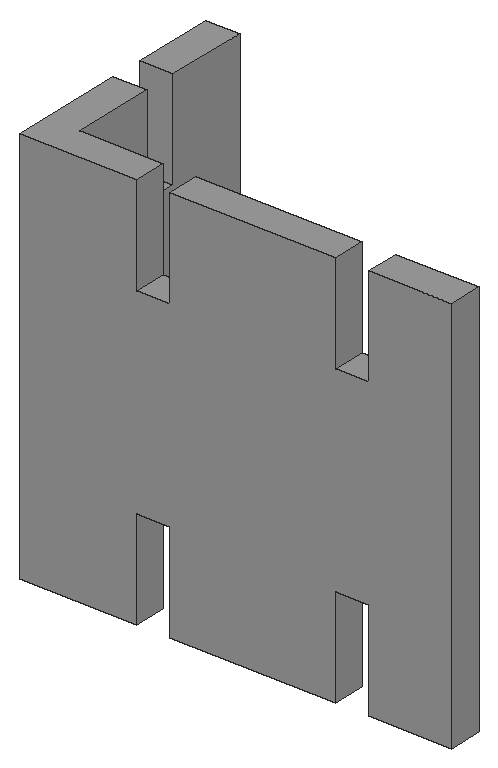
Revit family "SCT_Generic Model PARTS", category Generic Models, Revit 2019
Family settings
  Can host rebar = No
  Round Connector Dimension = Use Diameter
  Part Type = Normal
  Work Plane-Based = No
  Always vertical = Yes
  Cut with Voids When Loaded = No
  Shared = No
  Room Calculation Point = No
Parameters
  Semi Gruix = Gruix / 2  # 50 mm
  Semi Eix Llarg = Eix Llarg / 4  # 300 mm
  Semi Eix Curt = Eix Curt / 2  # 300 mm
  Material = SCT-Fusta
  Gruix = 100 mm
  Eix Llarg = 2 * Eix Curt  # 1200 mm
  Eix Curt = 600 mm
  Altura Forat = Altura / 4  # 300 mm
  Altura = Eix Llarg  # 1200 mm
Reference planes
  plane 1 "Center (Front/Back)": y = 0
  plane 2: z = 0
  plane 3 "Center (Left/Right)": x = 0
  plane 4: y = 700
  plane 5: x = 1300
  plane 6: x = 100
  plane 7: y = 100
  plane 8: z = 1200
  plane 9: y = 400
  plane 10: x = 400
  plane 11: x = 1000
  plane 12: x = 50
  plane 13: y = 50
  plane 14: y = 450
  plane 15: y = 350
  plane 16: x = 350
  plane 17: x = 450
  plane 18: x = 950
  plane 19: x = 1050
  plane 20: z = 300
  plane 21: z = 900
Forms (mm)
  Extrusion 1, solid, material "SCT-Fusta" <- "Material"
    sketch origin (0, 0, 0) x (1, 0, 0) y (0, 1, 0)
      loop
        line (0, 700) -> (0, 0) -> (1300, 0) -> (1300, 100) -> (100, 100) -> (100, 700) -> (0, 700)
    from 0 to 1200
  Extrusion 2, void
    sketch origin (0, 0, 0) x (1, 0, 0) y (0, 1, 0)
      loop
        line (0, 450) -> (0, 350) -> (100, 350) -> (100, 450) -> (0, 450)
      loop
        line (350, 0) -> (450, 0) -> (450, 100) -> (350, 100) -> (350, 0)
      loop
        line (950, 0) -> (1050, 0) -> (1050, 100) -> (950, 100) -> (950, 0)
    from 0 to 300
  Extrusion 3, void
    sketch origin (0, 0, 1142.056) x (0, -1, 0) y (1, 0, 0)
      loop
        line (-450, 0) -> (-350, 0) -> (-350, 100) -> (-450, 100) -> (-450, 0)
      loop
        line (0, 350) -> (0, 450) -> (-100, 450) -> (-100, 350) -> (0, 350)
      loop
        line (0, 950) -> (0, 1050) -> (-100, 1050) -> (-100, 950) -> (0, 950)
    from -242.056 to 57.944
Cuts and joins
  Extrusion 2, Extrusion 3 cuts Extrusion 1
Dimensions and locks
  "Gruix": plane 3 "Center (Left/Right)" to plane 6
  "Gruix": plane 7 to plane 1 "Center (Front/Back)"
  "Eix Curt": plane 4 to plane 7
  "Eix Llarg": plane 6 to plane 5
  "Semi Eix Curt": plane 9 to plane 7
  "Semi Eix Llarg": plane 6 to plane 10
  "Semi Eix Llarg": plane 11 to plane 5
  "Semi Gruix": plane 1 "Center (Front/Back)" to plane 13
  "Semi Gruix": plane 3 "Center (Left/Right)" to plane 12
  "Gruix": plane 14 to plane 15
  "Semi Gruix": plane 9 to plane 14
  "Gruix": plane 16 to plane 17
  "Gruix": plane 18 to plane 19
  "Semi Gruix": plane 10 to plane 17
  "Semi Gruix": plane 11 to plane 19
  "Altura": plane 8 to plane 2
  "Altura Forat": plane 20 to plane 2
  "Altura Forat": plane 8 to plane 21
  aligned and locked: level to plane 2
  aligned and locked: Extrusion 1 to plane 3 "Center (Left/Right)"
  aligned and locked: plane 1 "Center (Front/Back)" to Extrusion 1
  aligned and locked: plane 4 to Extrusion 1
  aligned and locked: plane 6 to Extrusion 1
  aligned and locked: plane 5 to Extrusion 1
  aligned and locked: plane 7 to Extrusion 1
  aligned and locked: Extrusion 1 to plane 8
  aligned and locked: plane 14 to Extrusion 2
  aligned and locked: Extrusion 2 to plane 15
  aligned and locked: plane 6 to Extrusion 2
  aligned and locked: Extrusion 2 to plane 3 "Center (Left/Right)"
  aligned and locked: plane 7 to Extrusion 2  (x2)
  aligned and locked: plane 1 "Center (Front/Back)" to Extrusion 2  (x2)
  aligned and locked: plane 17 to Extrusion 2
  aligned and locked: plane 16 to Extrusion 2
  aligned and locked: plane 18 to Extrusion 2
  aligned and locked: plane 19 to Extrusion 2
  aligned and locked: Extrusion 3 to plane 21
  aligned and locked: Extrusion 3 to plane 8
  aligned and locked: plane 20 to Extrusion 2
  aligned and locked: Extrusion 2 to plane 2
Automatic sketch dimensions
  Extrusion 1 sketch curve to plane 3 "Center (Left/Right)" = 0 mm
  Extrusion 1 sketch curve to plane 4 = 0 mm
  Extrusion 1 sketch curve to plane 6 = 0 mm
  plane 1 "Center (Front/Back)" to Extrusion 1 sketch curve = 0 mm
  Extrusion 1 sketch curve to plane 5 = 0 mm
  Extrusion 1 sketch curve to plane 7 = 0 mm
  Extrusion 2 sketch curve to plane 3 "Center (Left/Right)" = 0 mm
  Extrusion 2 sketch curve to plane 6 = 0 mm
  Extrusion 2 sketch curve to plane 7 = 0 mm  (x2)
  Extrusion 2 sketch curve to plane 16 = 0 mm
  Extrusion 2 sketch curve to plane 17 = 0 mm
  Extrusion 2 sketch curve to plane 18 = 0 mm
  Extrusion 2 sketch curve to plane 19 = 0 mm
  plane 1 "Center (Front/Back)" to Extrusion 2 sketch curve = 0 mm  (x2)
  Extrusion 2 sketch curve to plane 15 = 0 mm
  Extrusion 2 sketch curve to plane 14 = 0 mm
  Extrusion 3 sketch curve to plane 6 = 0 mm
  Extrusion 3 sketch curve to plane 14 = 0 mm
  Extrusion 3 sketch curve to plane 3 "Center (Left/Right)" = 0 mm
  Extrusion 3 sketch curve to plane 15 = 0 mm
  Extrusion 3 sketch curve to plane 7 = 0 mm  (x2)
  plane 1 "Center (Front/Back)" to Extrusion 3 sketch curve = 0 mm  (x2)
  Extrusion 3 sketch curve to plane 16 = 0 mm
  Extrusion 3 sketch curve to plane 17 = 0 mm
  Extrusion 3 sketch curve to plane 18 = 0 mm
  Extrusion 3 sketch curve to plane 19 = 0 mm
